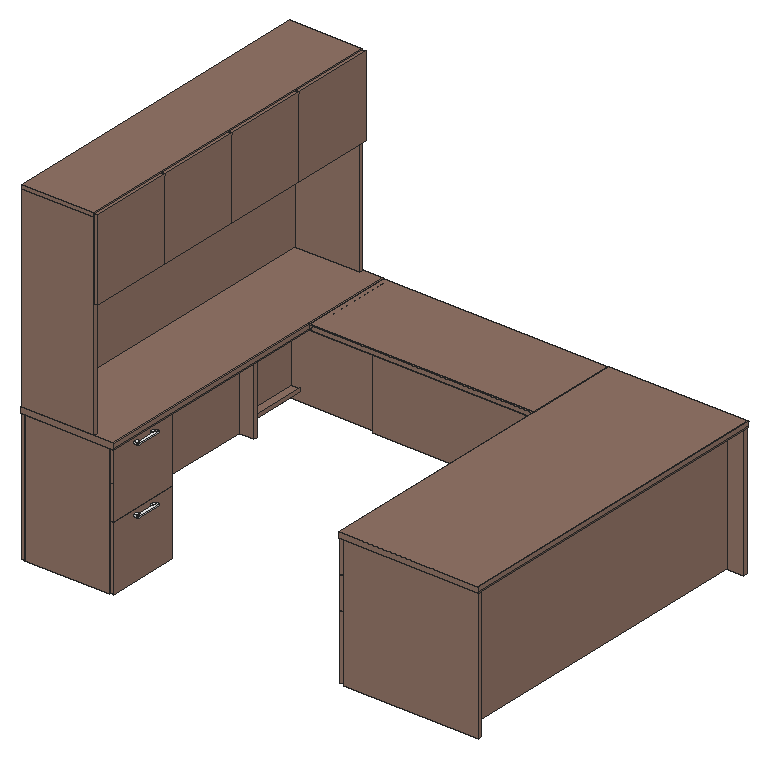
Revit family "JSI-Vision-Typical_Veneer-VST014-", category Furniture, Revit 2020
Family settings
  OmniClass Number = 23.40.20.00
  OmniClass Title = General Furniture and Specialties
  Work Plane-Based = No
  Always vertical = Yes
  Cut with Voids When Loaded = No
  Shared = No
  Room Calculation Point = No
Parameters (values of type "VST014")
  URL = "www.jsifurniture.com"
  Type Comments = "Typical Laminate"  # constant formula
  Model = "VST014"
  Manufacturer = "JSI"  # constant formula
  Keynote = "12500"
  Default Elevation = 0.000"
  Assembly Code = "E2020200"
Reference planes (in)
  plane 1 "Center Front/Back": y = 0
  plane 2: z = 0
  plane 3 "Center Left/Right": x = 0
Dimensions and locks (in)
  aligned and locked: level to plane 2
Nested families (in)
  nested 1: "JSI-Vision-File_File_Credenza" at (10.75, -35.93587, 0) x (0, 1, 0) z (0, 0, 1), type "VSV2072LC - Veneer 20 x 72 FF Ped Credenza Left"
    with Width 72.000", Height 29.187", Panel B 56.250"
  nested 2: "JSI-Vision-Overhead_Cabinets" at (0, -72, -0.8125) x (0, 1, 0) z (0, 0, 1), type "VSV1672SO, Veneer OH Cab. 16" x 72", 4 Doors"
    with Verticall Partition Distance 35.750", Unit Centre 36.000", Width 72.000", Door Width Actual 17.78125", Door Array Spacing 17.90625", Door Width 17.78125", # of Doors 4
  nested 3: "JSI-Vision-Bridge_Modesty_Panel" at (20, 0, 0), type "VSV2048EB, Bridge w/Modesty Panel 20"d x 48"w"
  nested 4: "JSI-Vision-Single_Pedestal_Desk-Recessed_Modesty" at (87.25, -36.06413, 0) x (0, -1, 0) z (0, 0, 1), type "VSV3072RDF, Veneer 30 x 72 Right Ped Desk, Recess Modesty"
    with Width 72.000", Panel BBF 56.250", LR no, Grommet angle 270.00°, Grommet 56.61719", BBF 56.250"
Definition of nested family "JSI-Vision-File_File_Credenza"
  Parameters (values of type "Type Catalog")
    Worksurface = none
    Width = 60.000"
    URL = "www.jsifurniture.com"
    Type Comments = ""
    Tag = "FF"  # constant formula
    Series = "Vision Casegoods"  # constant formula
    Pull Finish = none
    Panel R = if(LR, Depth - 0.250", Depth - 0.9375")  # 19.750"
    Panel L = if(LR, Depth - 0.9375", Depth - 0.250")  # 19.0625"
    Panel FF = if(LR, 15.000", Width - 15.750")  # 15.000"
    Model = "Type Catalog"
    Material = ""
    Manufacturer = "JSI"  # constant formula
    LR = yes
    Keynote = "12500"
    JSI Enviromental Website = "http://www.jsifurniture.com/jsi_sustainability_intro.php"
    Height = 29.1875"
    Grommet angle = if(LR, 90.00°, 270.00°)  # 90.00°
    Grommet Finish = none
    Panel B = if(LR, Width - 15.750", 15.000")  # 44.250"
    Grommet = if(LR, 14.500", Width - 15.38281")  # 14.500"
    Drawer Front = none
    Description = "Type Catalog"
    Depth chassis = Depth  # 20.000"
    Depth = 20.000"
    Default Elevation = 0.000"
    Chassis = none
    FF = if(LR, 0.1875", Width - 15.750" + 0.0625")  # 0.1875"
    Assembly Code = "E2020200"
  Reference planes (in)
    plane 1: z = 0
    plane 2 "Center (Left/Right)": x = -36.06413
    plane 3: z = 29.1875
    plane 4: z = 28
    plane 5: y = -9.25
    plane 6 "Center (Front/Back)": y = 10.75
    plane 7: y = 10.625
    plane 8: y = 10.75
    plane 9: x = -6.06413
    plane 10: x = 23.93587
    plane 11: y = 10.56003
    plane 12: x = -20.31413
    plane 13: x = 8.18587
    plane 14: y = -8.37
    plane 15: x = 15.93587
    plane 16: x = -28.12663
    plane 17: x = 23.81086
    plane 18: x = -35.93913
    plane 19: y = 8.875
    plane 20: y = 4.875
    plane 21: y = 9.8125
    plane 22: y = -8.31113
    plane 23: x = 8.18587
    plane 24: x = -35.87663
    plane 25: x = -20.37636
    plane 26: x = 23.68487
    plane 27: x = -21.56413
    plane 28: y = 6.875
    plane 29: y = -9
    plane 30: y = -8.3125
  Forms (in)
    Extrusion 1, solid, material <- "Worksurface"
      sketch origin (0, 0, -0.8125) x (1, 0, 0) y (0, 1, 0)
        loop
          line (-36.06413, -9.125) -> (23.93587, -9.125) -> (23.93587, 10.625) -> (-36.06413, 10.625) -> (-36.06413, -9.125)
      from 28.8125 to 30
    Extrusion 2, solid, material <- "Drawer Front"
      sketch origin (-0.00163, 0.13, 0) x (1, 0, 0) y (0, 0, 1)
        loop
          line (-35.875, 27.875) -> (-35.875, 21.26593) -> (-35.875, 14.062) -> (-20.37473, 14.062) -> (-20.37473, 21.26593) -> (-20.37473, 27.875) -> (-35.875, 27.875)
        loop
          line (-35.875, 13.937) -> (-35.875, 0.14) -> (-20.37473, 0.14) -> (-20.37473, 13.937) -> (-35.875, 13.937)
      from 8.5 to 9.25
    Extrusion 3, solid, material <- "Chassis"
      sketch origin (-0.06413, 0, 0) x (0, 1, 0) y (0, 0, 1)
        loop
          line (-8.3125, 28) -> (-8.3125, 0) -> (9.81003, 0) -> (9.81003, 28) -> (-8.3125, 28)
      from -35.875 to -35.125
    Extrusion 4, solid, material <- "Chassis"
      sketch origin (-0.06413, 0.034, 0) x (1, 0, 0) y (0, 0, 1)
        loop
          line (-35.125, 1.9375) -> (-35.125, 0) -> (-21, 0) -> (-21, 1.9375) -> (-35.125, 1.9375)
      from 7.59513 to 8.34513
    Extrusion 5, solid, material <- "Chassis"
      sketch origin (-0.06029, 0, 0) x (0, 1, 0) y (0, 0, -1)
        loop
          line (-9, -28) -> (9.8125, -28) -> (9.8125, 0) -> (-9, 0) -> (-9, -28)
      from -23.87116 to -23.12116
    Sweep 6, solid, material <- "Worksurface"
      path in 3D
        loop
          line (-36.06413, -9.125, 29.1875) -> (23.93587, -9.125, 29.1875)
      profile origin (-6.06413, -9.125, 29.1875) x (0, 1, 0) y (0, 0, 1)
        loop
          arc (0, 0) -> (-0.08839, -0.03661) -> (-0.125, -0.125) r 0.125
          line (-0.125, -0.125) -> (-0.125, -1.0625)
          arc (-0.125, -1.0625) -> (-0.08839, -1.15089) -> (0, -1.1875) r 0.125
          line (0, -1.1875) -> (0, 0)
    Extrusion 7, solid, material <- "Chassis"
      sketch origin (-0.06413, 28.15516, 0) x (1, 0, 0) y (0, 0, 1)
        loop
          line (-35.875, 28) -> (-35.875, 0) -> (-20.25, 0) -> (-20.25, 28) -> (-35.875, 28)
      from 17.59513 to 18.34266
    Extrusion 8, solid, material <- "Chassis"
      sketch origin (57.45899, 0, 0) x (0, 1, 0) y (0, 0, -1)
        loop
          line (-8.31113, -28) -> (9.8125, -28) -> (9.8125, 0) -> (-8.31113, 0) -> (-8.31113, -28)
      from 77.77312 to 78.52312
    Extrusion 9, solid, material <- "Chassis"
      sketch origin (-0.06413, 28.15516, 0) x (-1, 0, 0) y (0, 0, -1)
        loop
          line (-23.875, -28) -> (-8.25, -28) -> (-8.25, 0) -> (-23.875, 0) -> (-23.875, -28)
      from 17.59513 to 18.34266
    Sweep 10, solid, material <- "Worksurface"
      path in 3D
        loop
          line (23.93587, 10.625, 29.1875) -> (-36.06413, 10.625, 29.1875)
      profile origin (-6.06413, 10.625, 29.1875) x (0, -1, 0) y (0, 0, 1)
        loop
          arc (0, 0) -> (-0.08839, -0.03661) -> (-0.125, -0.125) r 0.125
          line (-0.125, -0.125) -> (-0.125, -1.0625)
          arc (-0.125, -1.0625) -> (-0.08839, -1.15089) -> (0, -1.1875) r 0.125
          line (0, -1.1875) -> (0, 0)
    Extrusion 11, solid, material <- "Chassis"
      sketch origin (0, 0, 0) x (1, 0, 0) y (0, 0, 1)
        loop
          line (8.93587, 2.5) -> (8.93587, 1.75) -> (23.06086, 1.75) -> (23.06086, 2.5) -> (8.93587, 2.5)
      from -9.8125 to -7.9375
    Extrusion 12, solid, material <- "Chassis"
      sketch origin (0, 0, 0) x (0, 1, 0) y (0, 0, 1)
        loop
          line (9.8125, 28) -> (5.875, 28) -> (5.875, 0) -> (9.8125, 0) -> (9.8125, 28)
      from 8.18587 to 8.93587
    Extrusion 13, solid, material <- "Chassis"
      sketch origin (-12.12827, 0, 0) x (-1, 0, 0) y (0, 0, -1)
        loop
          line (8.93587, -2.5) -> (23.06086, -2.5) -> (23.06086, -1.75) -> (8.93587, -1.75) -> (8.93587, -2.5)
      from -9.8125 to -7.9375
    Extrusion 14, solid, material <- "Chassis"
      sketch origin (0, 0.03248, 0) x (1, 0, 0) y (0, 0, 1)
        loop
          line (-6.49921, 28) -> (-20.31413, 28) -> (-20.31413, 0) -> (8.18587, 0) -> (8.18587, 28) -> (-6.49921, 28)
      from -9.78002 to -9.03002
  Cuts and joins
    joined: Extrusion 1, Sweep 6, Sweep 10
  Lines and regions (in)
    sketch lines
      curve 1: line (-36.06413, -9.125, 29.1875) -> (23.93587, -9.125, 29.1875)
      curve 10: line (23.93587, 10.625, 29.1875) -> (-36.06413, 10.625, 29.1875)
    symbolic lines
      curve 2: line (23.93587, -9.25, 0) -> (-36.06413, -9.25, 0)
      curve 3: line (23.93587, -9.25, 0) -> (23.93587, 10.75, 0)
      curve 4: line (-36.06413, 10.75, 0) -> (-36.06413, -9.25, 0)
      curve 5: line (-20.31413, 10.56003, 0) -> (-35.93913, 10.56003, 0)
      curve 6: line (-20.37636, -8.37, 0) -> (-35.87663, -8.37, 0)
      curve 7: line (-20.37636, -9.12, 0) -> (-20.37636, -8.37, 0)
      curve 8: line (-35.87663, -9.12, 0) -> (-20.37636, -9.12, 0)
      curve 9: line (-35.87663, -8.37, 0) -> (-35.87663, -9.12, 0)
      curve 11: line (-36.06413, 10.75, 0) -> (23.93587, 10.75, 0)
      curve 12: line (-20.31413, -8.31113, 0) -> (-20.31413, 9.8125, 0)
      curve 13: line (-21.06413, -8.31113, 0) -> (-20.31413, -8.31113, 0)
      curve 14: line (23.81086, 10.56003, 0) -> (8.18587, 10.56003, 0)
      curve 15: line (8.18587, 10.56003, 0) -> (8.18587, 9.8125, 0)
      curve 16: line (8.18587, 9.8125, 0) -> (8.18587, 5.875, 0)
      curve 17: line (8.18587, 5.875, 0) -> (8.93587, 5.875, 0)
      curve 18: line (8.93587, 5.875, 0) -> (8.93587, 9.8125, 0)
      curve 19: line (-35.93913, -8.3125, 0) -> (-35.18913, -8.3125, 0)
      curve 20: line (-35.18913, -8.3125, 0) -> (-35.18913, 9.8125, 0)
      curve 21: line (-35.93913, 10.56003, 0) -> (-35.93913, -8.3125, 0)
      curve 22: line (23.06086, 9.8125, 0) -> (23.06086, -9, 0)
      curve 23: line (23.81086, -9, 0) -> (23.81086, 10.56003, 0)
      curve 24: line (23.06086, -9, 0) -> (23.81086, -9, 0)
      curve 25: line (-20.31413, 9.8125, 0) -> (-20.31413, 10.56003, 0)
      curve 26: line (-21.06413, 9.8125, 0) -> (-21.06413, -8.31113, 0)
      curve 27: line (23.81086, 9.8125, 0) -> (-35.93913, 9.8125, 0)
  Dimensions and locks (in)
    "Height": plane 3 to level
    locked: plane 3 to plane 4 at 1.1875
    "Depth": plane 6 "Center (Front/Back)" to plane 5
    locked: plane 7 to plane 6 "Center (Front/Back)" at 0.125
    equal spacing: plane 2 "Center (Left/Right)", plane 9, plane 10
    "Width": plane 2 "Center (Left/Right)" to plane 10
    locked: plane 8 to plane 11 at 0.18997
    "Depth chassis": plane 8 to plane 5
    locked: plane 2 "Center (Left/Right)" to plane 12 at 15.75
    locked: plane 13 to plane 10 at 15.75
    locked: Extrusion 4 to plane 14 at 0.80887
    locked: plane 14 to plane 5 at 0.88
    locked: plane 17 to plane 10 at 0.125
    locked: Extrusion 5 to Extrusion 5 at 0.75
    locked: Extrusion 3 to Extrusion 3 at 0.75
    locked: plane 19 to plane 20 at 4
    plane 22 to plane 5 = 0.93887"
    locked: plane 8 to plane 21 at 0.9375
    "Panel B": plane 2 "Center (Left/Right)" to plane 23
    locked: plane 23 to plane 15 at 7.75
    "FF": plane 2 "Center (Left/Right)" to plane 24
    locked: Extrusion 4 to Extrusion 4 at 0.75
    locked: plane 24 to plane 16 at 7.75
    locked: Extrusion 2 to Extrusion 2 at 0.75
    plane 8 to plane 20 = 5.875"
    Extrusion 7 to Extrusion 7 = 0.74753"
    Extrusion 8 to Extrusion 8 = 0.750"
    Extrusion 9 to Extrusion 9 = 0.74753"
    locked: plane 24 to plane 25 at 15.50027
    locked: plane 23 to plane 26 at 15.499
    plane 24 to Extrusion 4 to Extrusion 4 = 0.6875" locked, 14.125" locked
    "Panel FF": plane 2 "Center (Left/Right)" to Extrusion 8
    locked: Extrusion 8 to Extrusion 8 at 0.75
    "Grommet": plane 2 "Center (Left/Right)" to plane 27
    equal spacing: plane 19, plane 28, plane 20
    "Panel B": plane 2 "Center (Left/Right)" to Extrusion 12
    locked: Extrusion 12 to Extrusion 12 at 3.9375
    locked: Extrusion 12 to Extrusion 12 at 0.75
    locked: Extrusion 11 to Extrusion 11 at 14.125
    locked: Extrusion 13 to Extrusion 13 at 14.125  (x2)
    locked: Extrusion 14 to Extrusion 14 at 0.75
    "Panel R": plane 29 to plane 6 "Center (Front/Back)"
    "Panel L": plane 8 to plane 30
    Extrusion 2 sketch curve to Extrusion 2 sketch curve to Extrusion 2 sketch curve to plane 1 = 0.125", 13.797", 0.140" locked
    locked: plane 4 to Extrusion 2 sketch curve at 0.125
    locked: nested 1 to plane 1 at 13.18529
    locked: plane 4 to nested 2 at 0.875
    locked: plane 3 to plane 1 at 29.1875
    aligned and locked: level to plane 1
    aligned and locked: Extrusion 3 to Extrusion 4
    aligned and locked: plane 17 to Extrusion 5
    aligned and locked: Extrusion 3 to plane 18
    aligned and locked: Extrusion 4 to plane 22
    aligned and locked: Extrusion 4 to level
    aligned and locked: nested 2 to plane 16
    aligned and locked: nested 1 to plane 16
    aligned and locked: Extrusion 7 to plane 12
    aligned and locked: plane 4 to Extrusion 7
    aligned and locked: Extrusion 7 to plane 18
    aligned and locked: plane 18 to Extrusion 3
    aligned and locked: plane 11 to Extrusion 7
    aligned and locked: plane 22 to Extrusion 4
    aligned and locked: Extrusion 8 to plane 22
    aligned and locked: Extrusion 9 to plane 13
    aligned and locked: plane 17 to Extrusion 9
    aligned and locked: Extrusion 5 to plane 17
    aligned and locked: curve 5 to Extrusion 7
    aligned and locked: Extrusion 1 to plane 7
    aligned and locked: plane 11 to Extrusion 9
    aligned and locked: curve 3 to cut or joined group of Extrusion 1, Sweep 6, Sweep 10
    aligned and locked: curve 12 to Extrusion 8
    aligned and locked: curve 13 to Extrusion 8
    aligned and locked: plane 21 to Extrusion 9
    aligned and locked: plane 21 to Extrusion 12
    aligned and locked: plane 21 to Extrusion 11
    aligned and locked: Extrusion 11 to Extrusion 5
    aligned and locked: Extrusion 13 to Extrusion 3
    aligned and locked: curve 14 to Extrusion 9
    aligned and locked: curve 15 to Extrusion 9
    aligned and locked: Extrusion 12 to curve 16
    aligned and locked: curve 17 to Extrusion 12
    aligned and locked: curve 18 to Extrusion 12
    aligned and locked: Extrusion 3 to plane 30
    aligned and locked: curve 19 to Extrusion 3
    aligned and locked: curve 20 to Extrusion 3
    aligned and locked: curve 21 to Extrusion 3
    aligned and locked: Extrusion 5 to plane 29
    aligned and locked: curve 22 to Extrusion 5
    aligned and locked: curve 23 to Extrusion 5
    aligned and locked: curve 24 to Extrusion 5
    aligned and locked: curve 25 to Extrusion 7
    aligned and locked: plane 21 to Extrusion 8
    aligned and locked: plane 21 to Extrusion 5
    aligned and locked: Extrusion 7 to plane 21
    aligned and locked: curve 26 to Extrusion 8
    aligned and locked: nested 3 to plane 16
    aligned and locked: nested 3 to plane 5
    aligned and locked: curve 27 to Extrusion 14
    aligned and locked: plane 14 to Extrusion 2
    aligned and locked: Extrusion 2 to plane 14
    aligned and locked: Extrusion 2 to nested 1
    aligned and locked: Extrusion 2 to nested 2
  Automatic sketch dimensions
    Extrusion 1 sketch curve to plane 2 "Center (Left/Right)" = 0.000"
    Extrusion 1 sketch curve to plane 10 = 0.000"
    plane 7 to Extrusion 1 sketch curve = 0.000"
    plane 5 to Extrusion 1 sketch curve = 0.125"
    Extrusion 2 sketch curve to plane 24 = 0.000"  (x2)
    Extrusion 2 sketch curve to plane 25 = 0.000"  (x2)
    Extrusion 2 sketch curve to plane 4 = 6.73407"  (x2)
    Extrusion 3 sketch curve to plane 4 = 0.000"
    Extrusion 3 sketch curve to plane 22 = 0.00137"
    Extrusion 3 sketch curve to level = 0.000"
    Extrusion 3 sketch curve to plane 21 = 0.00247"
    Extrusion 4 sketch curve to level = 0.000"
    plane 27 to Extrusion 4 sketch curve = 13.625"
    Extrusion 4 sketch curve to plane 25 = 0.68777"
    level to Extrusion 4 sketch curve = 1.9375"
    Extrusion 5 sketch curve to plane 4 = 0.000"
    Extrusion 5 sketch curve to plane 22 = 0.68887"
    Extrusion 5 sketch curve to level = 0.000"
    Extrusion 5 sketch curve to plane 21 = 0.000"
    Sweep 6 sketch curve to profile plane = 0.000"  (x2)
    profile plane to Sweep 6 sketch curve = 0.125"
    Sweep 6 sketch curve to Sweep 6 sketch curve = 0.9375"
    Extrusion 7 sketch curve to level = 0.000"
    plane 18 to Extrusion 7 sketch curve = 0.000"
    plane 12 to Extrusion 7 sketch curve = 0.000"
    Extrusion 7 sketch curve to plane 4 = 0.000"
    Extrusion 8 sketch curve to plane 22 = 0.000"
    Extrusion 8 sketch curve to level = 0.000"
    Extrusion 8 sketch curve to plane 21 = 0.000"
    Extrusion 9 sketch curve to level = 0.000"
    Extrusion 9 sketch curve to plane 17 = 0.000"
    Extrusion 9 sketch curve to plane 13 = 0.000"
    Extrusion 9 sketch curve to plane 4 = 0.000"
    Sweep 10 sketch curve to profile plane = 0.000"  (x2)
    profile plane to Sweep 10 sketch curve = 0.125"
    Sweep 10 sketch curve to Sweep 10 sketch curve = 0.9375"
    Extrusion 11 sketch curve to plane 27 = 30.500"
    plane 25 to Extrusion 11 sketch curve = 43.43723"
    level to Extrusion 11 sketch curve = 1.750"
    Extrusion 11 sketch curve to Extrusion 11 sketch curve = 0.750"
    Extrusion 12 sketch curve to level = 0.000"
    Extrusion 12 sketch curve to plane 21 = 0.000"
    Extrusion 12 sketch curve to plane 28 = 1.000"
    plane 4 to Extrusion 12 sketch curve = 0.000"
    Extrusion 13 sketch curve to plane 23 = 29.250"
    Extrusion 13 sketch curve to plane 18 = 0.750"
    level to Extrusion 13 sketch curve = 2.500"
    Extrusion 13 sketch curve to Extrusion 13 sketch curve = 0.750"
    Extrusion 14 sketch curve to level = 0.000"
    Extrusion 14 sketch curve to plane 4 = 0.000"
    Extrusion 14 sketch curve to plane 13 = 0.000"
    plane 9 to Extrusion 14 sketch curve = 0.43507"
    plane 12 to Extrusion 14 sketch curve = 0.000"
    curve 2 to plane 2 "Center (Left/Right)" = 0.000"
    curve 27 to plane 18 = 0.000"
    curve 9 to plane 14 = 0.000"
    curve 9 to plane 24 = 0.000"
    curve 20 to plane 30 = 0.000"
    curve 26 to plane 22 = 0.000"
    curve 7 to plane 25 = 0.000"
    curve 5 to plane 11 = 0.000"
    curve 5 to plane 12 = 0.000"
    curve 16 to plane 23 = 0.000"
    curve 15 to plane 11 = 0.000"
    curve 15 to plane 13 = 0.000"
    curve 24 to plane 29 = 0.000"
    curve 24 to plane 17 = 0.000"
    curve 2 to plane 5 = 0.000"
    plane 6 "Center (Front/Back)" to curve 11 = 0.000"
    plane 24 to curve 20 = 0.6875"
    curve 26 to plane 27 = 0.500"
    plane 12 to curve 13 = 0.000"
    plane 13 to curve 17 = 0.750"
    curve 24 to plane 26 = 0.624"
    curve 8 to plane 29 = 0.120"
    curve 17 to plane 28 = 1.000"
    curve 25 to plane 21 = 0.000"
    Extrusion 8 sketch curve to plane 4 = 0.000"
  Nested families (in)
    nested 1: "Bar Pull" at (-28.12663, -9.12, 13.18529), Pull Finish <- "Pull Finish", type "PL"
      with Pull Finish none
    nested 2: "Bar Pull" at (-28.12663, -9.12, 27.125), Pull Finish <- "Pull Finish", type "PL"
      with Pull Finish none
    nested 3: "Label 1-16-FF" at (-28.12663, -9.25, 0), type "DRWCFG"
  Definition of nested family "Bar Pull"
    Parameters
      Pull Finish [instance] = none
      Default Elevation = 0.000"
    Reference planes (in)
      plane 1 "Center Front/Back": y = 0
      plane 2: z = 0
      plane 3 "Center Left/Right": x = 0
      plane 4: x = -2.68731
      plane 5: x = -1.88731
      plane 6: x = 2.68731
      plane 7: x = 1.88731
      plane 8: y = -1
      plane 9: y = -0.85202
    Forms (in)
      Extrusion 1, solid, material <- "Pull Finish"
        sketch origin (0, 0, 0) x (0, 1, 0) y (0, 0, 1)
          loop
            line (0, -0.2015) -> (0, 0.2015) -> (-0.85202, 0.2015)
            arc (-0.85202, 0.2015) -> (-0.75, 0) -> (-0.85202, -0.2015) r 0.25
            line (-0.85202, -0.2015) -> (0, -0.2015)
        from 1.88731 to 2.68731
      Extrusion 2, solid, material <- "Pull Finish"
        sketch origin (0, 0, 0) x (0, 1, 0) y (0, 0, 1)
          loop
            circle (-1, 0) r 0.25
        from -2.68731 to 2.68731
      Extrusion 3, solid, material <- "Pull Finish"
        sketch origin (0, 0, 0) x (0, 1, 0) y (0, 0, -1)
          loop
            line (0, 0.2015) -> (-0.85202, 0.2015)
            arc (-0.85202, 0.2015) -> (-0.75, 0) -> (-0.85202, -0.2015) r 0.25
            line (-0.85202, -0.2015) -> (0, -0.2015) -> (0, 0.2015)
        from 1.88731 to 2.68731
    Dimensions and locks (in)
      plane 4 to plane 5 to plane 3 "Center Left/Right" to plane 7 to plane 6 = 0.800" locked, 1.88731" locked, 1.88731" locked, 0.800" locked
      plane 8 to plane 9 to plane 1 "Center Front/Back" = 0.14798" locked, 0.85202" locked
      aligned and locked: level to plane 2
      aligned and locked: plane 4 to Extrusion 3
      aligned and locked: Extrusion 3 to plane 5
      aligned and locked: plane 4 to Extrusion 2
      aligned and locked: Extrusion 1 to plane 7
      aligned and locked: plane 6 to Extrusion 1
      aligned and locked: plane 6 to Extrusion 2
      aligned and locked: plane 8 to Extrusion 2 sketch curve
      aligned and locked: Extrusion 3 to plane 1 "Center Front/Back"
      aligned and locked: Extrusion 1 to plane 1 "Center Front/Back"
      aligned and locked: plane 5 to Extrusion 3
      aligned and locked: Extrusion 3 to plane 4
      aligned and locked: Extrusion 2 to plane 4
      aligned and locked: plane 7 to Extrusion 1
      aligned and locked: Extrusion 1 to plane 6
      aligned and locked: Extrusion 2 to plane 6
  Definition of nested family "Label 1-16-FF"
    Parameters
      Width = 1.000"
      Model Name = "FF"
    Reference planes (in)
      plane 1: y = 0
      plane 2: x = 0
    Text (in)
      label "XX" at (0.00051, -0.12324, 0), shows "Model Name"
Definition of nested family "JSI-Vision-Overhead_Cabinets"
  Parameters (values of type "Overhead Cab. Doors - Type Catalog Family")
    Verticall Partition Distance = (Door Width * 2) + 0.1875"  # 29.8125"
    Unit Centre = Width / 2  # 45.000"
    Top = none
    Width = 90.000"
    URL = "www.jsifurniture.com"
    Type Comments = ""
    Tag = "6 Doors"
    Series = "Vision Casegoods"  # constant formula
    Right Vertical Partition = yes
    Overhead Height = 26.500"
    OH Elevation = 30.000"
    Model = "Type Catalog"
    Material = ""
    Manufacturer = "JSI"  # constant formula
    Left Vertical Partition = yes
    Keynote = "12500"  # constant formula
    JSI Enviromental Website = "http://www.jsifurniture.com/jsi_sustainability_intro.php"
    Height = 42.000"
    Grommet Finish = none
    Gromett Height = OH Elevation + 24.625"  # 54.625"
    Door Width Actual = if(# of Doors > 4, ((Width - 1.125") / # of Doors), if(# of Doors > 3, (((Width - 1.125") / # of Doors) + 0.0625"), if(# of Doors > 2, (((Width - 1.125") / # of Doors) + 0.125"), (((Width - 1.125") / # of Doors) + 0.250"))))  # 14.8125"
    Door Array Spacing = Door Width + 0.125"  # 14.9375"
    Door Width = Door Width Actual  # 14.8125"
    Door Front = none
    Description = "Type Catalog"
    Depth = 16.000"
    Default Elevation = 0.000"
    Chassis = none
    Assembly Code = "E2020200"
    # of Doors = if(Width > 89.000", 6, (if(Width > 53.000", 4, (if(Width > 41.000", 3, (if(Width > 30.000", 2, 2)))))))  # 6
  Reference planes (in)
    plane 1 "Center Front/Back": y = 0
    plane 2: z = 0
    plane 3 "Center Left/Right": x = 0
    plane 4 "a": z = 0
    plane 5: y = -0.125
    plane 6: x = 90
    plane 7: x = 0.125
    plane 8: x = 89.875
    plane 9: y = -15.5625
    plane 10: y = -16
    plane 11: z = 72.5
    plane 12: z = 72
    plane 13: x = 0.875
    plane 14: x = 89.125
    plane 15: y = -0.875
    plane 16: y = -0.9375
    plane 17: y = -1.6875
    plane 18: z = 71.75
    plane 19: z = 56.5
    plane 20: z = 57.25
    plane 21: z = 55
    plane 22: y = -14.8125
    plane 23: y = -14.0625
    plane 24: x = 0.25
    plane 25: x = 89.75
    plane 26: z = 72.4375
    plane 27: z = 55.1875
    plane 28: y = -15.6875
    plane 29: y = -16.4375
    plane 30: x = 45
    plane 31: x = 30.0625
    plane 32: x = 59.9375
    plane 33: x = 29.6875
    plane 34: x = 30.4375
    plane 35: x = 59.5625
    plane 36: x = 60.3125
    plane 37 "Not a Reference": x = 6.875
    plane 38: x = 83.125
    plane 39: z = 30
  Forms (in)
    Extrusion 1, solid, material <- "Chassis"
      sketch origin (0, 0, 0) x (1, 0, 0) y (0, 1, 0)
        loop
          line (0.125, -0.125) -> (0.125, -15.5625) -> (0.875, -15.5625) -> (0.875, -0.125) -> (0.125, -0.125)
      from 30 to 71.75
    Extrusion 2, solid, material <- "Chassis"
      sketch origin (0, 0, 0) x (1, 0, 0) y (0, 1, 0)
        loop
          line (89.875, -0.125) -> (89.125, -0.125) -> (89.125, -15.5625) -> (89.875, -15.5625) -> (89.875, -0.125)
      from 30 to 71.75
    Extrusion 3, solid, material <- "Door Front"
      sketch origin (0, 0, 0) x (1, 0, 0) y (0, 0, 1)
        loop
          line (0.125, 72.5) -> (0.125, 71.75) -> (89.875, 71.75) -> (89.875, 72.5) -> (0.125, 72.5)
      from 0.125 to 15.5625
    Extrusion 4, solid, material <- "Chassis"
      sketch origin (0, 0, 0) x (1, 0, 0) y (0, 0, 1)
        loop
          line (0.875, 57.25) -> (0.875, 56.5) -> (89.125, 56.5) -> (89.125, 57.25) -> (0.875, 57.25)
      from 1.6875 to 15.5625
    Extrusion 5, solid, material <- "Chassis"
      sketch origin (0, 0, 0) x (1, 0, 0) y (0, 1, 0)
        loop
          line (0.875, -14.0625) -> (0.875, -14.8125) -> (89.125, -14.8125) -> (89.125, -14.0625) -> (0.875, -14.0625)
      from 55 to 56.5
    Extrusion 6, solid, material <- "Door Front"
      sketch origin (-3, 0, 18) x (1, 0, 0) y (0, 1, 0)
        loop
          line (3.25, -15.6875) -> (3.25, -16.4375) -> (18.0625, -16.4375) -> (18.0625, -15.6875) -> (3.25, -15.6875)
      from 37.1875 to 54.4375
    Extrusion 7, solid, material <- "Door Front"
      sketch origin (11.9375, 0, 18) x (1, 0, 0) y (0, 1, 0)
        loop
          line (3.25, -15.6875) -> (3.25, -16.4375) -> (18.0625, -16.4375) -> (18.0625, -15.6875) -> (3.25, -15.6875)
      from 37.1875 to 54.4375
    Extrusion 8, solid, material <- "Chassis", visible <- "Left Vertical Partition"
      sketch origin (0, 0, 0) x (1, 0, 0) y (0, 1, 0)
        loop
          line (29.6875, -1.6875) -> (29.6875, -15.5625) -> (30.4375, -15.5625) -> (30.4375, -1.6875) -> (29.6875, -1.6875)
      from 57.25 to 71.75
    Extrusion 9, solid, material <- "Chassis", visible <- "Right Vertical Partition"
      sketch origin (0, 0, 0) x (1, 0, 0) y (0, 1, 0)
        loop
          line (59.5625, -1.6875) -> (59.5625, -15.5625) -> (60.3125, -15.5625) -> (60.3125, -1.6875) -> (59.5625, -1.6875)
      from 57.25 to 71.75
    Extrusion 10, solid, material <- "Chassis"
      sketch origin (130.61992, -0.9375, 48) x (1, 0, 0) y (0, 0, 1)
        loop
          line (-129.74492, 23.75) -> (-129.74492, -18) -> (-41.49492, -18) -> (-41.49492, 23.75) -> (-129.74492, 23.75)
        loop
          circle (-120.11946, 7.90657) r 0.33443
        loop
          circle (-51.12039, 7.90657) r 0.33443
      from 0 to 0.75
    Extrusion 11, solid, material <- "Door Front"
      sketch origin (26.875, 0, 18) x (1, 0, 0) y (0, 1, 0)
        loop
          line (3.25, -15.6875) -> (3.25, -16.4375) -> (18.0625, -16.4375) -> (18.0625, -15.6875) -> (3.25, -15.6875)
      from 37.1875 to 54.4375
    Extrusion 12, solid, material <- "Door Front"
      sketch origin (41.8125, 0, 18) x (1, 0, 0) y (0, 1, 0)
        loop
          line (3.25, -15.6875) -> (3.25, -16.4375) -> (18.0625, -16.4375) -> (18.0625, -15.6875) -> (3.25, -15.6875)
      from 37.1875 to 54.4375
    Extrusion 13, solid, material <- "Door Front"
      sketch origin (56.75, 0, 18) x (1, 0, 0) y (0, 1, 0)
        loop
          line (3.25, -15.6875) -> (3.25, -16.4375) -> (18.0625, -16.4375) -> (18.0625, -15.6875) -> (3.25, -15.6875)
      from 37.1875 to 54.4375
    Extrusion 14, solid, material <- "Door Front"
      sketch origin (71.6875, 0, 18) x (1, 0, 0) y (0, 1, 0)
        loop
          line (3.25, -15.6875) -> (3.25, -16.4375) -> (18.0625, -16.4375) -> (18.0625, -15.6875) -> (3.25, -15.6875)
      from 37.1875 to 54.4375
  Lines and regions (in)
    symbolic lines
      curve 1: line (0.125, -0.125, 0) -> (0.125, -15.5625, 0)
      curve 2: line (89.875, -0.125, 0) -> (0.125, -0.125, 0)
      curve 3: line (0.125, -15.5625, 0) -> (89.875, -15.5625, 0)
      curve 4: line (89.875, -15.5625, 0) -> (89.875, -0.125, 0)
      curve 5: line (0.25, -15.6875, 0) -> (15.0625, -15.6875, 0)
      curve 6: line (0.25, -16.4375, 0) -> (0.25, -15.6875, 0)
      curve 7: line (15.0625, -16.4375, 0) -> (0.25, -16.4375, 0)
      curve 8: line (15.0625, -15.6875, 0) -> (15.0625, -16.4375, 0)
      curve 9: line (15.1875, -15.6875, 0) -> (30, -15.6875, 0)
      curve 10: line (15.1875, -16.4375, 0) -> (15.1875, -15.6875, 0)
      curve 11: line (30, -16.4375, 0) -> (15.1875, -16.4375, 0)
      curve 12: line (30, -15.6875, 0) -> (30, -16.4375, 0)
      curve 13: line (30.125, -15.6875, 0) -> (44.9375, -15.6875, 0)
      curve 14: line (30.125, -16.4375, 0) -> (30.125, -15.6875, 0)
      curve 15: line (44.9375, -16.4375, 0) -> (30.125, -16.4375, 0)
      curve 16: line (44.9375, -15.6875, 0) -> (44.9375, -16.4375, 0)
      curve 17: line (45.0625, -15.6875, 0) -> (59.875, -15.6875, 0)
      curve 18: line (45.0625, -16.4375, 0) -> (45.0625, -15.6875, 0)
      curve 19: line (59.875, -16.4375, 0) -> (45.0625, -16.4375, 0)
      curve 20: line (59.875, -15.6875, 0) -> (59.875, -16.4375, 0)
      curve 21: line (60, -15.6875, 0) -> (74.8125, -15.6875, 0)
      curve 22: line (60, -16.4375, 0) -> (60, -15.6875, 0)
      curve 23: line (74.8125, -16.4375, 0) -> (60, -16.4375, 0)
      curve 24: line (74.8125, -15.6875, 0) -> (74.8125, -16.4375, 0)
      curve 25: line (74.9375, -15.6875, 0) -> (89.75, -15.6875, 0)
      curve 26: line (74.9375, -16.4375, 0) -> (74.9375, -15.6875, 0)
      curve 27: line (89.75, -16.4375, 0) -> (74.9375, -16.4375, 0)
      curve 28: line (89.75, -15.6875, 0) -> (89.75, -16.4375, 0)
  Dimensions and locks (in)
    plane 3 "Center Left/Right" to plane 7 to plane 24 = 0.125" locked, 0.125" locked
    plane 25 to plane 8 to plane 6 = 0.125" locked, 0.125" locked
    locked: plane 5 to plane 1 "Center Front/Back" at 0.125
    plane 10 to plane 9 to plane 22 to plane 23 = 0.4375" locked, 0.750" locked, 0.750" locked
    "Width": plane 3 "Center Left/Right" to plane 6
    "Depth": plane 10 to plane 1 "Center Front/Back"
    locked: plane 11 to plane 12 at 0.5
    locked: plane 7 to plane 13 at 0.75
    locked: plane 14 to plane 8 at 0.75
    locked: plane 15 to plane 5 at 0.75
    plane 17 to plane 16 to plane 5 = 0.750" locked, 0.8125" locked
    locked: plane 11 to plane 18 at 0.75
    plane 20 to plane 19 to plane 21 = 0.750" locked, 1.500" locked
    plane 18 to plane 20 = 14.500"
    locked: plane 11 to plane 26 at 0.0625
    locked: plane 27 to plane 21 at 0.1875
    plane 29 to plane 28 to plane 9 = 0.750" locked, 0.125" locked
    "Door Width": Extrusion 6 sketch curve to Extrusion 6 sketch curve
    "Door Width": Extrusion 7 sketch curve to Extrusion 7 sketch curve
    equal spacing: group 1, group 2, group 3, group 4, group 5, group 6  (x3)
    "Door Array Spacing": Extrusion 6 to Extrusion 7
    "Verticall Partition Distance": plane 24 to plane 31
    plane 33 to plane 31 to plane 34 = 0.375" locked, 0.375" locked
    plane 35 to plane 32 to plane 36 = 0.375" locked, 0.375" locked
    "Verticall Partition Distance": plane 32 to plane 25
    "Unit Centre": plane 3 "Center Left/Right" to plane 30
    locked: plane 13 to plane 37 "Not a Reference" at 6
    locked: plane 38 to plane 14 at 6
    "Door Width": Extrusion 11 sketch curve to Extrusion 11 sketch curve
    "Door Width": Extrusion 12 sketch curve to Extrusion 12 sketch curve
    "OH Elevation": plane 39 to plane 4 "a"
    "Height": plane 12 to plane 39
    "Overhead Height": plane 19 to plane 39
    "Door Width": Extrusion 13 sketch curve to Extrusion 13 sketch curve
    "Door Width": Extrusion 14 sketch curve to Extrusion 14 sketch curve
    locked: Extrusion 10 sketch curve to Extrusion 10 sketch curve at 9.62546  (x2)
    locked: Extrusion 10 sketch curve to Extrusion 10 sketch curve at 15.84343  (x2)
    aligned and locked: level to plane 2
    aligned and locked: plane 5 to Extrusion 1 sketch curve
    aligned and locked: plane 7 to Extrusion 1 sketch curve
    aligned and locked: Extrusion 1 sketch curve to plane 13
    aligned and locked: Extrusion 2 sketch curve to plane 5
    aligned and locked: plane 8 to Extrusion 2 sketch curve
    aligned and locked: Extrusion 2 sketch curve to plane 14
    aligned and locked: Extrusion 3 sketch curve to plane 11
    aligned and locked: plane 7 to Extrusion 3 sketch curve
    aligned and locked: Extrusion 3 to plane 5
    aligned and locked: plane 9 to Extrusion 1
    aligned and locked: plane 9 to Extrusion 2
    aligned and locked: plane 9 to Extrusion 3
    aligned and locked: Extrusion 4 sketch curve to plane 20
    aligned and locked: plane 13 to Extrusion 4 sketch curve
    aligned and locked: plane 19 to Extrusion 4 sketch curve
    aligned and locked: Extrusion 4 sketch curve to plane 14
    aligned and locked: Extrusion 4 to plane 17
    aligned and locked: plane 9 to Extrusion 4
    aligned and locked: plane 23 to Extrusion 5 sketch curve
    aligned and locked: plane 13 to Extrusion 5 sketch curve
    aligned and locked: Extrusion 5 sketch curve to plane 22
    aligned and locked: Extrusion 5 sketch curve to plane 14
    aligned and locked: plane 19 to Extrusion 5
    aligned and locked: Extrusion 5 to plane 21
    aligned and locked: plane 26 to Extrusion 6
    aligned and locked: Extrusion 6 to plane 24
    aligned and locked: plane 17 to Extrusion 8 sketch curve
    aligned and locked: plane 33 to Extrusion 8 sketch curve
    aligned and locked: Extrusion 8 sketch curve to plane 9
    aligned and locked: Extrusion 8 sketch curve to plane 34
    aligned and locked: plane 17 to Extrusion 9 sketch curve
    aligned and locked: plane 35 to Extrusion 9 sketch curve
    aligned and locked: Extrusion 9 sketch curve to plane 9
    aligned and locked: Extrusion 9 sketch curve to plane 36
    aligned and locked: plane 18 to Extrusion 8
    aligned and locked: Extrusion 8 to plane 20
    aligned and locked: plane 18 to Extrusion 9
    aligned and locked: Extrusion 9 to plane 20
    aligned and locked: Extrusion 1 to Extrusion 10 sketch curve
    aligned and locked: Extrusion 10 sketch curve to Extrusion 1
    aligned and locked: Extrusion 2 to Extrusion 10 sketch curve
    aligned and locked: Extrusion 10 to plane 16
    aligned and locked: plane 17 to Extrusion 10
    aligned and locked: plane 30 to nested 1
    aligned and locked: plane 29 to nested 1
    aligned and locked: plane 26 to Extrusion 7
    aligned and locked: plane 18 to Extrusion 1
    aligned and locked: plane 18 to Extrusion 2
    aligned and locked: Extrusion 6 to plane 27
    aligned and locked: curve 1 to Extrusion 3
    aligned and locked: curve 2 to Extrusion 3
    aligned and locked: curve 3 to Extrusion 3
    aligned and locked: curve 4 to Extrusion 3
    aligned and locked: Extrusion 1 to plane 39
    aligned and locked: Extrusion 2 to plane 39
    aligned and locked: curve 5 to Extrusion 6
    aligned and locked: curve 6 to Extrusion 6
    aligned and locked: curve 7 to Extrusion 6
    aligned and locked: curve 8 to Extrusion 6
    aligned and locked: curve 9 to Extrusion 7
    aligned and locked: curve 10 to Extrusion 7
    aligned and locked: curve 11 to Extrusion 7
    aligned and locked: curve 12 to Extrusion 7
    aligned and locked: curve 13 to Extrusion 11
    aligned and locked: curve 14 to Extrusion 11
    aligned and locked: curve 15 to Extrusion 11
    aligned and locked: curve 16 to Extrusion 11
    aligned and locked: curve 17 to Extrusion 12
    aligned and locked: curve 18 to Extrusion 12
    aligned and locked: curve 19 to Extrusion 12
    aligned and locked: curve 20 to Extrusion 12
    aligned and locked: curve 21 to Extrusion 13
    aligned and locked: curve 22 to Extrusion 13
    aligned and locked: curve 23 to Extrusion 13
    aligned and locked: curve 24 to Extrusion 13
    aligned and locked: curve 25 to Extrusion 14
    aligned and locked: curve 26 to Extrusion 14
    aligned and locked: curve 27 to Extrusion 14
    aligned and locked: curve 28 to Extrusion 14
  Automatic sketch dimensions
    Extrusion 1 sketch curve to plane 10 = 0.4375"
    Extrusion 3 sketch curve to plane 8 = 0.000"
    Extrusion 3 sketch curve to plane 18 = 0.000"
    plane 9 to Extrusion 2 sketch curve = 0.000"
    Extrusion 6 sketch curve to Extrusion 6 sketch curve = 0.750"
    Extrusion 7 sketch curve to Extrusion 7 sketch curve = 0.750"
    Extrusion 11 sketch curve to Extrusion 11 sketch curve = 0.750"
    Extrusion 12 sketch curve to Extrusion 12 sketch curve = 0.750"
    curve 6 to curve 7 = 14.8125"
    curve 6 to curve 6 = 0.750"
    curve 10 to curve 11 = 14.8125"
    curve 10 to curve 10 = 0.750"
    curve 14 to curve 15 = 14.8125"
    curve 14 to curve 14 = 0.750"
    curve 18 to curve 19 = 14.8125"
    curve 18 to curve 18 = 0.750"
    Extrusion 13 sketch curve to Extrusion 13 sketch curve = 0.750"
    curve 22 to curve 23 = 14.8125"
    curve 22 to curve 22 = 0.750"
    Extrusion 14 sketch curve to Extrusion 14 sketch curve = 0.750"
    curve 26 to curve 27 = 14.8125"
    curve 26 to curve 26 = 0.750"
    Extrusion 10 sketch curve to plane 39 = 0.000"
    radius of Extrusion 10 sketch curve = 0.33443"  (x2)
  Nested families (in)
    nested 1: "Label 1-16 OH" at (45, -16.4375, 0), type "OH DOORS"
  Definition of nested family "Label 1-16 OH"
    Parameters
      Width = 1.000"
      Model Name = "XX"
    Reference planes (in)
      plane 1: y = 0
      plane 2: x = 0
    Text (in)
      label "XX" at (0.00051, -0.12324, 0), shows "Model Name"
Definition of nested family "JSI-Vision-Bridge_Modesty_Panel"
  Parameters (values of type "VST2048EB, Bridge w/Modesty Panel 20"d x 48"w")
    Top Finish = none
    Panel Finish = none
    Width = 48.000"
    URL = "www.jsifurniture.com"
    Type Comments = ""
    Series = "Vision Casegoods"  # constant formula
    Model = "VST2048EB"
    Material = ""
    Manufacturer = "JSI"  # constant formula
    Keynote = "12500"  # constant formula
    JSI Enviromental Website = "http://www.jsifurniture.com/jsi_sustainability_intro.php"
    Height = 29.1875"
    Description = "Bridge w/Modesty Panel 20\"d x 48\"w Laminate"
    Depth = 20.000"
    Default Elevation = 0.000"
    Assembly Code = "E2020200"
  Types (4): name | Model | Description | Depth
    VST2048EB, Bridge w/Modesty Panel 20"d x 48"w | "VST2048EB" | "Bridge w/Modesty Panel 20\"d x 48\"w Laminate" | 20.000"
    VST2448EB, Bridge w/Modesty Panel 24"d x 48"w | "VST2448EB" | "Bridge w/Modesty Panel 24\"d x 48\"w Laminate" | 24.000"
    VSV2048EB, Bridge w/Modesty Panel 20"d x 48"w | "VSV2048EB" | "Bridge w/Modesty Panel 20\"d x 48\"w Veneer" | 20.000"
    VSV2448EB, Bridge w/Modesty Panel 24"d x 48"w | "VSV2448EB" | "Bridge w/Modesty Panel 24\"d x 48\"w Veneer" | 24.000"
  Reference planes (in)
    plane 1 "Center Front/Back": y = 0
    plane 2: z = 0
    plane 3 "Center Left/Right": x = 0
    plane 4: z = 28
    plane 5: x = 48
    plane 6: z = 29.1875
    plane 7: y = -20
    plane 8: y = -0.875
    plane 9: y = -1.6875
  Forms (in)
    Extrusion 1, solid, material <- "Top Finish"
      sketch origin (0, 0, -0.05243) x (0, 1, 0) y (0, 0, 1)
        loop
          line (0, 29.23993) -> (-19.87345, 29.23993)
          arc (-19.87345, 29.23993) -> (-19.96294, 29.20286) -> (-20, 29.11338) r 0.12655
          line (-20, 29.11338) -> (-20, 28.17743)
          arc (-20, 28.17743) -> (-19.96339, 28.08904) -> (-19.875, 28.05243) r 0.125
          line (-19.875, 28.05243) -> (0, 28.05243) -> (0, 29.23993)
      from 0 to 48
    Extrusion 2, solid, material <- "Panel Finish"
      sketch origin (0, 0, -0.05243) x (1, 0, 0) y (0, 1, 0)
        loop
          line (-0.87503, -0.875) -> (-0.87503, -1.6875) -> (48.87504, -1.6875) -> (48.87504, -0.875) -> (-0.87503, -0.875)
      from 0.05243 to 28.05243
  Lines and regions (in)
    symbolic lines
      curve 1: line (0, 0, 0) -> (48, 0, 0)
      curve 2: line (0, -20, 0) -> (0, 0, 0)
      curve 3: line (48, -20, 0) -> (0, -20, 0)
      curve 4: line (48, 0, 0) -> (48, -20, 0)
      curve 7: line (-0.87503, -0.875, 0) -> (-0.87503, -1.6875, 0)
      curve 8: line (-0.87503, -0.875, 0) -> (0, -0.875, 0)
      curve 9: line (-0.87503, -1.6875, 0) -> (0, -1.6875, 0)
      curve 10: line (48.87504, -0.875, 0) -> (48.87504, -1.6875, 0)
      curve 11: line (48.87504, -0.875, 0) -> (48, -0.875, 0)
      curve 12: line (48.87504, -1.6875, 0) -> (48, -1.6875, 0)
    symbolic lines, detail levels medium+fine
      curve 5: line (0, -0.875, 0) -> (48, -0.875, 0)
      curve 6: line (0, -1.6875, 0) -> (48, -1.6875, 0)
  Dimensions and locks (in)
    "Width": plane 3 "Center Left/Right" to plane 5
    "Depth": plane 7 to plane 1 "Center Front/Back"
    locked: plane 6 to plane 4 at 1.1875
    plane 1 "Center Front/Back" to plane 8 to plane 9 = 0.875" locked, 0.8125" locked
    "Height": plane 6 to plane 2
    aligned and locked: level to plane 2
    aligned and locked: plane 1 "Center Front/Back" to Extrusion 1 sketch curve
    aligned and locked: plane 7 to Extrusion 1 sketch curve
    aligned and locked: Extrusion 1 sketch curve to plane 6
    aligned and locked: plane 4 to Extrusion 1 sketch curve
    aligned and locked: Extrusion 1 to plane 3 "Center Left/Right"
    aligned and locked: plane 5 to Extrusion 1
    aligned and locked: Extrusion 2 to plane 2
    aligned and locked: plane 4 to Extrusion 2
    aligned and locked: plane 3 "Center Left/Right" to curve 2
    aligned and locked: curve 4 to plane 5
    aligned and locked: plane 7 to curve 3
    aligned and locked: plane 1 "Center Front/Back" to curve 1
    aligned and locked: plane 5 to curve 5
    aligned and locked: plane 3 "Center Left/Right" to curve 5
    aligned and locked: curve 5 to plane 8
    aligned and locked: curve 6 to plane 9
    aligned and locked: curve 7 to Extrusion 2
    aligned and locked: curve 9 to Extrusion 2
    aligned and locked: curve 11 to Extrusion 2
    aligned and locked: curve 12 to Extrusion 2
  Automatic sketch dimensions
    Extrusion 1 sketch curve to plane 6 = 0.12655"
    plane 4 to Extrusion 1 sketch curve = 0.125"
    Extrusion 2 sketch curve to plane 9 = 0.000"
    Extrusion 2 sketch curve to plane 8 = 0.000"
    Extrusion 2 sketch curve to plane 3 "Center Left/Right" = 0.87503"
    plane 5 to Extrusion 2 sketch curve = 0.87504"
    curve 7 to plane 8 = 0.000"
    curve 5 to curve 10 = 0.87504"
Definition of nested family "JSI-Vision-Single_Pedestal_Desk-Recessed_Modesty"
  Parameters (values of type "Type Catalog")
    Worksurface = none
    Width = 66.000"
    URL = "www.jsifurniture.com"
    Type Comments = ""
    Tag = "BBF"  # constant formula
    Series = "Vision Casegoods"  # constant formula
    Pull Finish = none
    Panel BBF = if(LR, 15.000", Width - 15.750")  # 15.000"
    Model = "Type Catalog"
    Material = ""
    Manufacturer = "JSI"  # constant formula
    LR = yes
    Keynote = "12500"
    JSI Enviromental Website = "http://www.jsifurniture.com/jsi_sustainability_intro.php"
    Height = 29.187"
    Grommet angle = if(LR, 90.00°, 270.00°)  # 90.00°
    Grommet Finish = none
    Grommet = if(LR, 14.500", Width - 15.38281")  # 14.500"
    Drawer Front = none
    Description = "Type Catalog"
    Depth chassis = 30.000"
    Depth = 30.000"
    Default Elevation = 0.000"
    Chassis = none
    BBF = if(LR, 0.1875", Width - 15.750")  # 0.1875"
    Assembly Code = "E2020200"
  Reference planes (in)
    plane 1: z = 0
    plane 2 "Center (Left/Right)": x = -36.06413
    plane 3: z = 29.187
    plane 4: z = 27.9995
    plane 5: y = -19.25
    plane 6 "Center (Front/Back)": y = 10.75
    plane 7: y = 10.75
    plane 8: x = -3.06413
    plane 9: x = 29.93587
    plane 10: y = 10.56003
    plane 11: x = -20.31413
    plane 12: x = 14.18587
    plane 13: y = -18.37
    plane 14: x = -13.31413
    plane 15: x = -28.12663
    plane 16: x = 29.81086
    plane 17: x = -35.93913
    plane 18: y = 3.55952
    plane 19: y = -0.44048
    plane 20: y = 6.81003
    plane 21: y = -18.31113
    plane 22: x = -21.06413
    plane 23: x = -35.87663
    plane 24: x = -20.37636
    plane 25: x = -5.56513
    plane 26: x = -21.56413
    plane 27: y = 1.55952
  Forms (in)
    Extrusion 1, solid, material <- "Worksurface"
      sketch origin (0, 0, -0.813) x (1, 0, 0) y (0, 1, 0)
        loop
          line (-36.06413, -19.125) -> (29.93587, -19.125) -> (29.93587, 10.625) -> (-36.06413, 10.625) -> (-36.06413, -19.125)
      from 28.8125 to 30
    Extrusion 2, solid, material <- "Chassis"
      sketch origin (0, 3.75, 0) x (1, 0, 0) y (0, 1, 0)
        loop
          line (-35.18913, 3.06003) -> (-35.18913, 2.31003) -> (29.06086, 2.31003) -> (29.06086, 3.06003) -> (-35.18913, 3.06003)
      from 0 to 27.9995
    Extrusion 3, solid, material <- "Drawer Front"
      sketch origin (-0.00163, 0.13, 0) x (1, 0, 0) y (0, 0, 1)
        loop
          line (-35.875, 27.89042) -> (-35.875, 21.04768) -> (-20.37473, 21.04768) -> (-20.37473, 27.89042) -> (-35.875, 27.89042)
        loop
          line (-35.875, 20.92218) -> (-35.875, 14.07843) -> (-20.37473, 14.07843) -> (-20.37473, 20.92218) -> (-35.875, 20.92218)
        loop
          line (-35.875, 13.95343) -> (-35.875, 0.14093) -> (-20.37473, 0.14093) -> (-20.37473, 13.95343) -> (-35.875, 13.95343)
      from 18.5 to 19.25
    Extrusion 4, solid, material <- "Chassis"
      sketch origin (-0.06413, 0, 0) x (0, 1, 0) y (0, 0, 1)
        loop
          line (-18.31113, 27.9995) -> (-18.31113, 0) -> (10.56003, 0) -> (10.56003, 27.9995) -> (3.44695, 27.9995) -> (-18.31113, 27.9995)
      from -35.875 to -35.125
    Extrusion 5, solid, material <- "Chassis"
      sketch origin (-0.06413, 0.034, 0) x (1, 0, 0) y (0, 0, 1)
        loop
          line (-35.125, 1.9375) -> (-35.125, 0) -> (-21, 0) -> (-21, 1.9375) -> (-35.125, 1.9375)
      from 17.59513 to 18.34513
    Extrusion 6, solid, material <- "Chassis"
      sketch origin (-0.06029, 0, 0) x (0, 1, 0) y (0, 0, -1)
        loop
          line (-18.31113, -27.9995) -> (3.74172, -27.9995) -> (10.56003, -27.9995) -> (10.56003, 0) -> (-18.31113, 0) -> (-18.31113, -27.9995)
      from -29.87116 to -29.12116
    Sweep 7, solid, material <- "Worksurface"
      path in 3D
        loop
          line (-36.06413, -19.125, 29.187) -> (29.93587, -19.125, 29.187)
      profile origin (-3.06413, -19.125, 29.187) x (0, 1, 0) y (0, 0, 1)
        loop
          arc (0, 0) -> (-0.08839, -0.03661) -> (-0.125, -0.125) r 0.125
          line (-0.125, -0.125) -> (-0.125, -1.0625)
          arc (-0.125, -1.0625) -> (-0.08839, -1.15089) -> (0, -1.1875) r 0.125
          line (0, -1.1875) -> (0, 0)
    Extrusion 8, solid, material <- "Chassis"
      sketch origin (57.45899, 0, 0) x (0, 1, 0) y (0, 0, -1)
        loop
          line (-18.31113, -27.9995) -> (3.98759, -27.9995) -> (6.06003, -27.9995) -> (6.06003, 0) -> (-18.31113, 0) -> (-18.31113, -27.9995)
      from 77.77312 to 78.52312
    Sweep 9, solid, material <- "Worksurface"
      path in 3D
        loop
          line (29.93587, 10.625, 29.187) -> (-36.06413, 10.625, 29.187)
      profile origin (-3.06413, 10.625, 29.187) x (0, -1, 0) y (0, 0, 1)
        loop
          arc (0, 0) -> (-0.08839, -0.03661) -> (-0.125, -0.125) r 0.125
          line (-0.125, -0.125) -> (-0.125, -1.0625)
          arc (-0.125, -1.0625) -> (-0.08839, -1.15089) -> (0, -1.1875) r 0.125
          line (0, -1.1875) -> (0, 0)
  Cuts and joins
    joined: Extrusion 1, Sweep 7, Sweep 9
  Lines and regions (in)
    sketch lines
      curve 1: line (-36.06413, -19.125, 29.187) -> (29.93587, -19.125, 29.187)
      curve 10: line (29.93587, 10.625, 29.187) -> (-36.06413, 10.625, 29.187)
    symbolic lines
      curve 2: line (29.93587, -19.25, 0) -> (-36.06413, -19.25, 0)
      curve 3: line (29.93587, -19.25, 0) -> (29.93587, 10.75, 0)
      curve 4: line (-36.06413, 10.75, 0) -> (-36.06413, -19.25, 0)
      curve 5: line (-20.37636, -18.37, 0) -> (-35.87663, -18.37, 0)
      curve 6: line (-20.37636, -19.12, 0) -> (-20.37636, -18.37, 0)
      curve 7: line (-35.87663, -19.12, 0) -> (-20.37636, -19.12, 0)
      curve 8: line (-35.87663, -18.37, 0) -> (-35.87663, -19.12, 0)
      curve 9: line (-35.93913, 10.56003, 0) -> (-35.93913, -18.31113, 0)
      curve 11: line (29.81086, -18.31113, 0) -> (29.81086, 10.56003, 0)
      curve 12: line (-20.31413, -18.31113, 0) -> (-20.31413, 6.06003, 0)
      curve 13: line (-21.06413, 6.06003, 0) -> (-21.06413, -18.31113, 0)
      curve 14: line (-21.06413, -18.31113, 0) -> (-20.31413, -18.31113, 0)
      curve 15: line (-35.93913, 10.56003, 0) -> (-35.18913, 10.56003, 0)
      curve 16: line (-35.18913, -18.31113, 0) -> (-35.18913, 10.56003, 0)
      curve 17: line (-35.93913, -18.31113, 0) -> (-35.18913, -18.31113, 0)
      curve 18: line (29.06086, 6.81003, 0) -> (-35.18913, 6.81003, 0)
      curve 19: line (-35.18913, 6.06003, 0) -> (29.06086, 6.06003, 0)
      curve 20: line (29.06086, 10.56003, 0) -> (29.06086, -18.31113, 0)
      curve 21: line (29.81086, 10.56003, 0) -> (29.06086, 10.56003, 0)
      curve 22: line (29.06086, -18.31113, 0) -> (29.81086, -18.31113, 0)
      curve 23: line (-36.06413, 10.75, 0) -> (29.93587, 10.75, 0)
  Dimensions and locks (in)
    "Height": plane 3 to level
    locked: plane 3 to plane 4 at 1.1875
    "Depth": plane 6 "Center (Front/Back)" to plane 5
    equal spacing: plane 2 "Center (Left/Right)", plane 8, plane 9
    "Width": plane 2 "Center (Left/Right)" to plane 9
    locked: plane 7 to plane 10 at 0.18997
    locked: plane 2 "Center (Left/Right)" to plane 11 at 15.75
    locked: plane 12 to plane 9 at 15.75
    locked: Extrusion 5 to plane 13 at 0.80887
    locked: plane 13 to plane 5 at 0.88
    locked: plane 16 to plane 9 at 0.125
    locked: Extrusion 6 to Extrusion 6 at 0.75
    locked: Extrusion 4 to Extrusion 4 at 0.75
    locked: Extrusion 2 to Extrusion 2 at 0.75
    plane 21 to plane 5 = 0.93887"
    locked: plane 22 to plane 14 at 7.75
    "BBF": plane 2 "Center (Left/Right)" to plane 23
    locked: Extrusion 5 to Extrusion 5 at 0.75
    locked: plane 23 to plane 15 at 7.75
    locked: Extrusion 3 to Extrusion 3 at 0.75
    Extrusion 8 to Extrusion 8 = 0.750"
    locked: plane 23 to plane 24 at 15.50027
    locked: plane 22 to plane 25 at 15.499
    plane 23 to Extrusion 5 to Extrusion 5 = 0.6875" locked, 14.125" locked
    "Panel BBF": plane 2 "Center (Left/Right)" to Extrusion 8
    locked: Extrusion 8 to Extrusion 8 at 0.75
    "Grommet": plane 2 "Center (Left/Right)" to plane 26
    equal spacing: plane 18, plane 27, plane 19
    plane 7 to plane 20 to plane 18 to plane 19 = 3.93997" locked, 3.25051" locked, 4.000" locked
    aligned and locked: level to plane 1
    aligned and locked: curve 4 to Extrusion 1
    aligned and locked: Extrusion 4 to Extrusion 5
    aligned and locked: Extrusion 2 to Extrusion 5
    aligned and locked: Extrusion 2 to Extrusion 6  (x2)
    aligned and locked: plane 16 to Extrusion 6
    aligned and locked: Extrusion 4 to plane 17
    aligned and locked: plane 20 to Extrusion 2
    aligned and locked: plane 13 to Extrusion 3
    aligned and locked: Extrusion 6 to plane 21
    aligned and locked: Extrusion 5 to plane 21
    aligned and locked: Extrusion 4 to plane 21
    aligned and locked: Extrusion 5 to level
    aligned and locked: nested 3 to plane 15
    aligned and locked: nested 2 to plane 15
    aligned and locked: nested 1 to plane 15
    aligned and locked: Extrusion 3 to nested 3
    aligned and locked: Extrusion 3 to nested 2
    aligned and locked: Extrusion 3 to nested 1
    aligned and locked: Extrusion 3 to plane 23  (x3)
    aligned and locked: plane 17 to Extrusion 4
    aligned and locked: plane 21 to Extrusion 5
    aligned and locked: Extrusion 8 to plane 21
    aligned and locked: Extrusion 6 to plane 16
    aligned and locked: plane 24 to Extrusion 3  (x3)
    aligned and locked: curve 5 to Extrusion 3
    aligned and locked: curve 6 to Extrusion 3
    aligned and locked: curve 7 to Extrusion 3
    aligned and locked: curve 8 to Extrusion 3
    aligned and locked: Extrusion 4 to curve 9
    aligned and locked: curve 11 to Extrusion 6
    aligned and locked: Extrusion 2 to Extrusion 4
    aligned and locked: Extrusion 8 to Extrusion 2
    aligned and locked: curve 12 to Extrusion 8
    aligned and locked: curve 13 to Extrusion 8
    aligned and locked: curve 14 to Extrusion 8
    aligned and locked: curve 16 to Extrusion 4
    aligned and locked: curve 17 to Extrusion 4
    aligned and locked: curve 18 to Extrusion 2
    aligned and locked: curve 19 to Extrusion 2
    aligned and locked: curve 20 to Extrusion 6
    aligned and locked: curve 21 to Extrusion 6
    aligned and locked: curve 22 to Extrusion 6
    aligned and locked: curve 3 to cut or joined group of Extrusion 1, Sweep 7, Sweep 9
    aligned and locked: curve 4 to cut or joined group of Extrusion 1, Sweep 7, Sweep 9
    aligned and locked: curve 23 to cut or joined group of Extrusion 1, Sweep 7, Sweep 9
    aligned and locked: nested 4 to plane 5
    aligned and locked: nested 4 to plane 15
    aligned and locked: plane 10 to Extrusion 4  (x2)
    aligned and locked: plane 10 to Extrusion 6  (x2)
    aligned and locked: curve 15 to Extrusion 4
  Automatic sketch dimensions
    plane 11 to Extrusion 2 sketch curve = 14.875"
    plane 12 to Extrusion 2 sketch curve = 14.875"
    Extrusion 2 sketch curve to plane 20 = 0.000"
    plane 18 to Extrusion 2 sketch curve = 2.50051"
    Extrusion 3 sketch curve to plane 23 = 0.000"  (x3)
    plane 11 to Extrusion 3 sketch curve = 0.06223"  (x3)
    level to Extrusion 3 sketch curve = 0.14093"
    Extrusion 3 sketch curve to Extrusion 3 sketch curve = 13.8125"
    Extrusion 3 sketch curve to Extrusion 3 sketch curve = 0.125"
    Extrusion 3 sketch curve to Extrusion 3 sketch curve = 6.84375"
    Extrusion 3 sketch curve to Extrusion 3 sketch curve = 0.1255"
    Extrusion 3 sketch curve to plane 4 = 0.10907"
    plane 4 to Extrusion 4 sketch curve = 0.000"
    Extrusion 4 sketch curve to plane 21 = 0.000"
    Extrusion 4 sketch curve to level = 0.000"
    Extrusion 4 sketch curve to plane 10 = 0.000"
    Extrusion 5 sketch curve to level = 0.000"
    plane 23 to Extrusion 5 sketch curve = 0.6875"
    plane 11 to Extrusion 5 sketch curve = 0.750"
    level to Extrusion 5 sketch curve = 1.9375"
    Extrusion 6 sketch curve to plane 4 = 0.000"
    Extrusion 6 sketch curve to plane 21 = 0.000"
    Extrusion 6 sketch curve to level = 0.000"
    Extrusion 6 sketch curve to plane 10 = 0.000"
    Sweep 7 sketch curve to profile plane = 0.000"  (x2)
    profile plane to Sweep 7 sketch curve = 0.125"
    Sweep 7 sketch curve to Sweep 7 sketch curve = 0.9375"
    Extrusion 8 sketch curve to plane 4 = 0.000"
    Extrusion 8 sketch curve to plane 21 = 0.000"
    Extrusion 8 sketch curve to level = 0.000"
    Extrusion 8 sketch curve to plane 10 = 4.500"
    Extrusion 1 sketch curve to plane 2 "Center (Left/Right)" = 0.000"
    Extrusion 1 sketch curve to plane 9 = 0.000"
    plane 5 to Extrusion 1 sketch curve = 0.125"
    Sweep 9 sketch curve to Sweep 9 sketch curve = 0.9375"
    Sweep 9 sketch curve to profile plane = 0.125"
    Sweep 9 sketch curve to profile plane = 0.000"  (x2)
    curve 2 to plane 2 "Center (Left/Right)" = 0.000"
    curve 9 to plane 17 = 0.000"
    curve 5 to plane 13 = 0.000"
    curve 5 to plane 23 = 0.000"
    curve 17 to plane 21 = 0.000"
    curve 18 to plane 20 = 0.000"
    curve 14 to plane 21 = 0.000"
    curve 7 to plane 24 = 0.000"
    plane 11 to curve 14 = 0.000"
    curve 22 to plane 21 = 0.000"
    curve 22 to plane 16 = 0.000"
    curve 2 to plane 5 = 0.000"
    plane 23 to curve 17 = 0.6875"
    plane 22 to curve 14 = 0.000"
    curve 20 to curve 11 = 0.750"
    plane 5 to curve 7 = 0.130"
    curve 19 to curve 18 = 0.750"
    curve 11 to plane 10 = 0.000"
    plane 10 to Extrusion 1 sketch curve = 0.06497"
    Extrusion 4 sketch curve to plane 18 = 0.11258"
    plane 18 to Extrusion 8 sketch curve = 0.42807"
    plane 18 to Extrusion 6 sketch curve = 0.1822"
  Nested families (in)
    nested 1: "Bar Pull" at (-28.12663, -19.12, 13.20292), Pull Finish <- "Pull Finish", type "PL"
      with Pull Finish none
    nested 2: "Bar Pull" at (-28.12663, -19.12, 20.171), Pull Finish <- "Pull Finish", type "PL"
      with Pull Finish none
    nested 3: "Bar Pull" at (-28.12663, -19.12, 27.14116), Pull Finish <- "Pull Finish", type "PL"
      with Pull Finish none
    nested 4: "Label 1-16-1" at (-28.12663, -19.25, 0), type "DRWCFG"
  Definition of nested family "Bar Pull"
    Parameters
      Pull Finish [instance] = none
      Default Elevation = 0.000"
    Reference planes (in)
      plane 1 "Center Front/Back": y = 0
      plane 2: z = 0
      plane 3 "Center Left/Right": x = 0
      plane 4: x = -2.68731
      plane 5: x = -1.88731
      plane 6: x = 2.68731
      plane 7: x = 1.88731
      plane 8: y = -1
      plane 9: y = -0.85202
    Forms (in)
      Extrusion 1, solid, material <- "Pull Finish"
        sketch origin (0, 0, 0) x (0, 1, 0) y (0, 0, 1)
          loop
            line (0, -0.2015) -> (0, 0.2015) -> (-0.85202, 0.2015)
            arc (-0.85202, 0.2015) -> (-0.75, 0) -> (-0.85202, -0.2015) r 0.25
            line (-0.85202, -0.2015) -> (0, -0.2015)
        from 1.88731 to 2.68731
      Extrusion 2, solid, material <- "Pull Finish"
        sketch origin (0, 0, 0) x (0, 1, 0) y (0, 0, 1)
          loop
            circle (-1, 0) r 0.25
        from -2.68731 to 2.68731
      Extrusion 3, solid, material <- "Pull Finish"
        sketch origin (0, 0, 0) x (0, 1, 0) y (0, 0, -1)
          loop
            line (0, 0.2015) -> (-0.85202, 0.2015)
            arc (-0.85202, 0.2015) -> (-0.75, 0) -> (-0.85202, -0.2015) r 0.25
            line (-0.85202, -0.2015) -> (0, -0.2015) -> (0, 0.2015)
        from 1.88731 to 2.68731
    Dimensions and locks (in)
      plane 4 to plane 5 to plane 3 "Center Left/Right" to plane 7 to plane 6 = 0.800" locked, 1.88731" locked, 1.88731" locked, 0.800" locked
      plane 8 to plane 9 to plane 1 "Center Front/Back" = 0.14798" locked, 0.85202" locked
      aligned and locked: level to plane 2
      aligned and locked: plane 4 to Extrusion 3
      aligned and locked: Extrusion 3 to plane 5
      aligned and locked: plane 4 to Extrusion 2
      aligned and locked: Extrusion 1 to plane 7
      aligned and locked: plane 6 to Extrusion 1
      aligned and locked: plane 6 to Extrusion 2
      aligned and locked: plane 8 to Extrusion 2 sketch curve
      aligned and locked: Extrusion 3 to plane 1 "Center Front/Back"
      aligned and locked: Extrusion 1 to plane 1 "Center Front/Back"
      aligned and locked: plane 5 to Extrusion 3
      aligned and locked: Extrusion 3 to plane 4
      aligned and locked: Extrusion 2 to plane 4
      aligned and locked: plane 7 to Extrusion 1
      aligned and locked: Extrusion 1 to plane 6
      aligned and locked: Extrusion 2 to plane 6
  Definition of nested family "Label 1-16-1"
    Parameters
      Width = 1.000"
      Model Name = "BBF"
    Reference planes (in)
      plane 1: y = 0
      plane 2: x = 0
    Text (in)
      label "XX" at (0.00051, -0.12324, 0), shows "Model Name"
